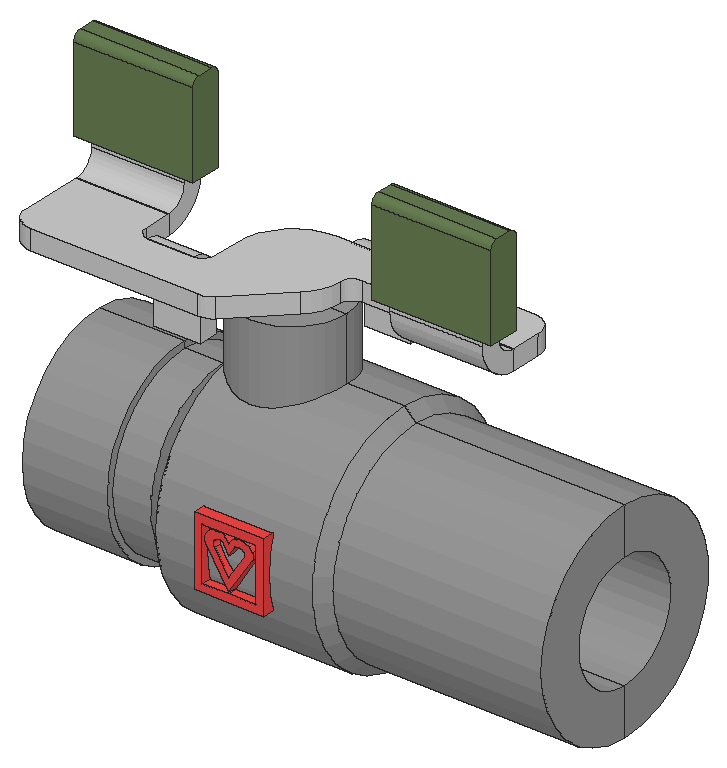
Revit family "Kugelhahn mit Flügelgriff und Rückflussverhinderer 2110", category Rohrzubehör, Revit 2021
Family settings
  Bemaßung runder Anschluss = Durchmesser verwenden
  Teiletyp = Unterbricht
  OmniClass-Nummer = 23.65.55.14
  OmniClass-Titel = Valves for Liquid Services
  Arbeitsebenenbasiert = Nein
  Immer vertikal = Ja
  Beim Laden mit Abzugskörper schneiden = Nein
  Gemeinsam genutzt = Nein
Parameters
  W01 = 45.00°  # constant formula
  Vorgabe-Ansicht = 0.000 mm
  URL = "www.herz-armaturen.at"
  Spindeldichtung = "EPDM"  # constant formula
  Spindel = "Messing nach EN 12164, CW614N"  # constant formula
  SC_NennweiteBerechnet = 0
  SC_Dimension = ""
  SCTWSEQ = "FW;SBT_TYP_FW=\"102\";2"
  SCTWCODE = "04;04;02"  # constant formula
  S04 = 5.000 mm  # constant formula
  S03 [instance] = D04 - 2.000 mm  # 11.500 mm
  S02 [instance] = L01 + 4.500 mm  # 38.500 mm
  S01 [instance] = D04 * 2  # 27.000 mm
  R01 = 7.000 mm  # constant formula
  O-Ring Rückflussverhinderer = "Silikon"  # constant formula
  Nennweite [instance] = 15.000 mm
  Min. Betriebstemperatur (Wasser) = 0.5 °C  # constant formula
  Min. Betriebstemperatur = -10 °C  # constant formula
  Medium = "Trinkwasser"
  Max. Betriebstemperatur = 85 °C  # constant formula
  Max. Betriebsdruck = 2500000.0 Pa  # constant formula
  L05 [instance] = size_lookup("2110_0X_", "L5", 1.000 mm, Nennweite)  # 25.000 mm
  L04 [instance] = size_lookup("2110_0X_", "L4", 1.000 mm, Nennweite)  # 27.000 mm
  L03 = 5.000 mm  # constant formula
  L02 [instance] = size_lookup("2110_0X_", "L2", 1.000 mm, Nennweite)  # 11.000 mm
  L01 [instance] = size_lookup("2110_0X_", "L1", 1.000 mm, Nennweite)  # 34.000 mm
  Kugeldichtung = "PTFE"  # constant formula
  Kugel = "geschmiedetes entzinkungsbeständiges Messing nach EN 12165, volle Bohrung, verchromt, CW626N"  # constant formula
  IG [instance] = Nennweite / 2  # 7.500 mm
  Hinweis = "Gemäß Art 33 der REACH-Verordnung (EG Nr. 1907/2006) sind wir verpflichtet, darauf hinzuweisen, dass der Stoff Blei auf der SVHC-Liste geführt wird und dass alle aus Messing bestehenden Bauteile, die in unseren Erzeugnissen verarbeitet sind, mehr als 0,1 % (w/w) Blei (CAS: 7439-92-1 / EINECS: 231-100-4) enthalten.\r\nDa Blei als Legierungsbestandteil fest gebunden ist, sind keine Expositionen zu erwarten und daher sind keine zusätzlichen Angaben zur sicheren Verwendung notwendig."
  Hersteller = "HERZ Armaturen Ges.m.b.H."  # constant formula
  Handgriff = "Flügelgriff, grün, Stahlblech - verzinkt"  # constant formula
  H01 [instance] = size_lookup("2110_0X_", "H1", 1.000 mm, Nennweite)  # 23.000 mm
  Gewinde = "nach ISO 228"  # constant formula
  Gehäuse Rückflussverhinderer = "POM"  # constant formula
  Gehäuse = "geschmiedetes entzinkungsbeständiges Messing nach EN 12165, CW626N"  # constant formula
  GT [instance] = size_lookup("2110_0X_", "GT", 1.000 mm, Nennweite)  # 10.000 mm
  DN15-DN20 [instance] = if(Nennweite = 15.000 mm, 42.000 mm, 46.000 mm)  # 42.000 mm
  D04 [instance] = size_lookup("2110_0X_", "D4", 1.000 mm, Nennweite)  # 13.500 mm
  D03 [instance] = size_lookup("2110_0X_", "D3", 1.000 mm, Nennweite)  # 15.000 mm
  D02 [instance] = size_lookup("2110_0X_", "D2", 1.000 mm, Nennweite)  # 11.700 mm
  D01 [instance] = size_lookup("2110_0X_", "D1", 1.000 mm, Nennweite)  # 12.500 mm
  Bestellnummer [instance] = size_lookup("2110_0X_", "Artnr", 0, Nennweite)  # 2211001
  Anwendungsgebiet = "Der HERZ Kugelhahn mit Flügelgriff und Rückflussverhinderer wird in Trinkwassersystemen verwendet und dient als Absperreinrichtung.\r\nGenerell werden Kugelhähne überall dort eingesetzt, wo der Durchfluss verlässlich unterbrochen werden muss.\r\nDer Rückflussverhinderer stellt sicher, dass ein Medienstrom ausschließlich in Durchflussrichtung stattfindet."
Reference planes
  plane 1 "Mitte (Vorne/hinten)": y = 0
  plane 2: z = 0
  plane 3 "Mitte (Links/rechts)": x = 0
Forms (mm)
  Revolve 1, solid, material "Messing, weicher Gelbton, geschweißt", detail levels fine
    sketch origin (0, 0, 0) x (1, 0, 0) y (0, 0, 1)
      loop
        line (-24, 0) -> (24, 0) -> (24, 7.5) -> (34, 7.5) -> (34, 13.5) -> (7, 13.5) -> (5.5, 15) -> (-14.7, 15) -> (-18, 11.7) -> (-23, 11.7) -> (-23, 12.5) -> (-34, 12.5) -> (-34, 7.5) -> (-24, 7.5) -> (-24, 0)
      axis (-34, 0) -> (34, 0)
    angle from 0 to 360
  Revolve 2, solid, material "Messing, weicher Gelbton, geschweißt", detail levels fine
    sketch origin (0, 0, 0) x (1, 0, 0) y (0, 0, 1)
      loop
        line (-5.588, 0) -> (-5.588, 8) -> (-2, 8) -> (-2, 23) -> (-9, 23) -> (-9, 0) -> (-5.588, 0)
      axis (-9, 0) -> (-9, 23)
    angle from 0 to 360
Lines and regions (mm)
  model lines, detail levels coarse+medium
    curve 1: line (-34, 0, 13.5) -> (-34, 0, -13.5)
    curve 2: line (-34, 0, -13.5) -> (4.5, 0, 13.5)
    curve 3: line (4.5, 0, 13.5) -> (4.5, 0, -13.5)
    curve 4: line (4.5, 0, -13.5) -> (-34, 0, 13.5)
    curve 5: circle (-14.75, 0, 0) r 11.5 normal (0, -1, 0)
    curve 6: line (4.5, 0, 13.5) -> (34, 0, -13.5)
    curve 7: line (34, 0, -13.5) -> (34, 0, 13.5)
    curve 8: circle (4.5, 0, 13.5) r 5 normal (0, -1, 0)
    curve 9: line (-34, 13.5, 0) -> (-34, -13.5, 0)
    curve 10: line (-34, -13.5, 0) -> (4.5, 13.5, 0)
    curve 11: line (4.5, 13.5, 0) -> (4.5, -13.5, 0)
    curve 12: line (4.5, -13.5, 0) -> (-34, 13.5, 0)
    curve 13: line (4.5, 13.5, 0) -> (34, -13.5, 0)
    curve 14: line (34, -13.5, 0) -> (34, 13.5, 0)
    curve 15: circle (4.5, 13.5, 0) r 5 normal (0, 0, 1)
    curve 16: circle (-14.75, 0, 0) r 11.5 normal (0, 0, 1)
Dimensions and locks
  "L01": plane 3 "Mitte (Links/rechts)" to Revolve 1 sketch curve
  "L01": Revolve 1 sketch curve to plane 3 "Mitte (Links/rechts)"
  "L02": Revolve 1 sketch curve to Revolve 1 sketch curve
  "L03": Revolve 1 sketch curve to Revolve 1 sketch curve
  "D01": Revolve 1 sketch curve to plane 2
  "D02": Revolve 1 sketch curve to plane 2
  "D03": Revolve 1 sketch curve to plane 2
  "L04": Revolve 1 sketch curve to Revolve 1 sketch curve
  "D04": Revolve 1 sketch curve to plane 2
  "GT": Revolve 1 sketch curve to Revolve 1 sketch curve  (x2)
  "IG": Revolve 1 sketch curve to plane 2  (x2)
  "L05": Revolve 1 to Revolve 2 sketch curve  (x2)
  "H01": Revolve 2 sketch curve to plane 2
  "R01": Revolve 2 sketch curve to Revolve 2 sketch curve
  Revolve 2 sketch curve to plane 2 = 8.000 mm
  equal spacing: Revolve 1, nested 1, Revolve 1
  "D03": nested 1 to plane 1 "Mitte (Vorne/hinten)"
  equal spacing: curve 4, plane 2, curve 2
  "S01": curve 4 to curve 2
  "L01": plane 3 "Mitte (Links/rechts)" to curve 1
  equal spacing: curve 3, plane 2, curve 4
  "S01": curve 4 to curve 3
  "S02": curve 1 to curve 3
  equal spacing: curve 1, curve 5, curve 3
  "S02": curve 1 to curve 8
  "L01": curve 7 to plane 3 "Mitte (Links/rechts)"
  equal spacing: curve 7, plane 2, curve 7
  "S01": curve 7 to curve 7
  equal spacing: curve 10, plane 1 "Mitte (Vorne/hinten)", curve 12
  equal spacing: curve 12, plane 1 "Mitte (Vorne/hinten)", curve 13
  equal spacing: curve 14, plane 1 "Mitte (Vorne/hinten)", curve 14
  "L01": curve 9 to plane 3 "Mitte (Links/rechts)"
  "S02": curve 9 to curve 11
  "S02": curve 9 to curve 15
  "L01": plane 3 "Mitte (Links/rechts)" to curve 14
  "S01": curve 12 to curve 9
  "S01": curve 13 to curve 12
  "S01": curve 14 to curve 14
  equal spacing: curve 9, curve 16, curve 11
  "L05": Revolve 1 to nested 2
  "DN15-DN20": nested 2 to plane 2
  "S03": radius of curve 5
  "S04": radius of curve 8
  "S04": radius of curve 15
  "S03": radius of curve 16
  "W01": angle Revolve 1 sketch curve to Revolve 1 sketch curve  (x2)
  aligned and locked: level to plane 2
Automatic sketch dimensions
  curve 5 to level = 0.000 mm
  curve 8 to curve 2 = 0.000 mm
  plane 1 "Mitte (Vorne/hinten)" to curve 16 = 0.000 mm
  curve 15 to curve 10 = 0.000 mm
  Revolve 1 sketch curve to level = 0.000 mm  (x2)
  Revolve 1 sketch curve to Revolve 1 sketch curve = 1490.843 mm
  Revolve 1 sketch curve to Revolve 1 sketch curve = 1823.461 mm
  Revolve 2 sketch curve to level = 0.000 mm  (x2)
  Revolve 2 sketch curve to Revolve 2 sketch curve = 3.588 mm
  Revolve 2 sketch curve to Revolve 2 sketch curve = 0.000 mm
Nested families
  nested 1: "Herz-Logo-vorne" at (-4.6, -15, 0) x (0, 1, 0) z (0, 0, 1), type "Herz-Logo-vorne", detail levels fine
  nested 2: "Flügelgriff (Grün) DN15-DN20" at (-9, 0, 24), type "Flügelgriff (Grün) DN15-DN20"
Connectors
  piping at (-24, 0, 0), diameter 15, driven by "Nennweite"
    settings: on Revolve 1, index 1, connector inside diameter 609.6 mm, connector length 0.000 mm, flow factor 0, pipe flow 0.0 L/s, pressure drop 0.0 Pa, fitting loss kfactor 0, connector angle 0.00°, fixture units 0, engagement length 0.000 mm, angle of deflection 0.00°, flow configuration 0, flow direction 1, fitting loss method 0, system type 29, joint type 0, gender type 0, connector reference index -1, connector utility 0, adjustable connector no, is connector primary yes, connector description ""
  piping at (24, 0, 0), diameter 15, driven by "Nennweite"
    settings: on Revolve 1, index 2, connector inside diameter 609.6 mm, connector length 0.000 mm, flow factor 0, pipe flow 0.0 L/s, pressure drop 0.0 Pa, fitting loss kfactor 0, connector angle 0.00°, fixture units 0, engagement length 0.000 mm, angle of deflection 0.00°, flow configuration 0, flow direction 2, fitting loss method 0, system type 29, joint type 0, gender type 0, connector reference index -1, connector utility 0, adjustable connector no, is connector primary no, connector description ""
Definition of nested family "Herz-Logo-vorne"
  Parameters (values of type "Herz-Logo-vorne")
    Default Elevation = 0.000 mm
  Reference planes
    plane 1 "Mitte (Vorne/hinten)": y = 0
    plane 2: z = 0
    plane 3 "Mitte (Links/rechts)": x = 0
  Forms (mm)
    Extrusion 1, solid
      sketch origin (0.732, -0.018, 0.017) x (0, -1, 0) y (0, 0, 1)
        loop
          line (-0.018, -4.517) -> (4.482, -4.517) -> (4.482, 4.483) -> (-4.518, 4.483) -> (-4.518, -4.517) -> (-0.018, -4.517)
        loop
          line (-0.05, -3.48) -> (3.482, -3.48) -> (3.482, 3.483) -> (-3.518, 3.483) -> (-3.518, -3.48) -> (-0.05, -3.48)
        loop
          arc (-0.018, 2.383) -> (-1.543, 3.287) -> (-3.067, 2.383) r 1.738
          arc (-3.067, 2.383) -> (-3.191, 1.899) -> (-3.067, 1.415) r 1.009
          line (-3.067, 1.415) -> (-0.018, -3.281) -> (3.032, 1.415)
          arc (3.032, 1.415) -> (3.156, 1.899) -> (3.032, 2.383) r 1.009
          arc (3.032, 2.383) -> (1.507, 3.287) -> (-0.018, 2.383) r 1.738
        loop
          arc (1.885, 1.272) -> (2.005, 1.675) -> (1.885, 2.079) r 0.74
          arc (1.885, 2.079) -> (1.265, 2.416) -> (0.644, 2.079) r 0.74
          line (0.644, 2.079) -> (-0.018, 0.97) -> (-0.679, 2.079)
          arc (-0.679, 2.079) -> (-1.3, 2.416) -> (-1.921, 2.079) r 0.74
          arc (-1.921, 2.079) -> (-2.04, 1.675) -> (-1.921, 1.272) r 0.74
          line (-1.921, 1.272) -> (-0.018, -1.658) -> (1.885, 1.272)
      from 0 to 1.5
  Dimensions and locks
    aligned and locked: level to plane 2
Definition of nested family "Flügelgriff (Grün) DN15-DN20"
  Parameters (values of type "Flügelgriff (Grün) DN15-DN20")
    Default Elevation = 0.000 mm
  Reference planes
    plane 1 "Mitte (Vorne/hinten)": y = 0
    plane 2: z = 0
    plane 3 "Mitte (Links/rechts)": x = 0
  Forms (mm)
    Extrusion 1, solid, detail levels fine
      sketch origin (0, 0, 0) x (1, 0, 0) y (0, 1, 0)
        loop
          line (-7, 0) -> (-7, -3.8)
          arc (-7, -3.8) -> (-7.439, -4.861) -> (-8.5, -5.3) r 1.5
          line (-8.5, -5.3) -> (-14.5, -5.3)
          arc (-14.5, -5.3) -> (-15.561, -4.861) -> (-16, -3.8) r 1.5
          line (-16, -3.8) -> (-16, 0) -> (-28, 0) -> (-28, -8.1)
          arc (-28, -8.1) -> (-27.121, -10.221) -> (-25, -11.1) r 3
          line (-25, -11.1) -> (-3.453, -11.1)
          arc (-3.453, -11.1) -> (-2.496, -10.91) -> (-1.685, -10.368) r 2.5
          line (-1.685, -10.368) -> (4.443, -4.24)
          arc (4.443, -4.24) -> (5.743, -2.295) -> (6.2, 0) r 6
          arc (6.2, 0) -> (6.64, 1.06) -> (7.7, 1.499) r 1.5
          line (7.7, 1.499) -> (15.1, 1.499)
          arc (15.1, 1.499) -> (16.16, 1.06) -> (16.6, 0) r 1.5
          line (16.6, 0) -> (28.6, 0) -> (28.6, 4)
          arc (28.6, 4) -> (27.721, 6.121) -> (25.6, 7) r 3
          line (25.6, 7) -> (0, 7)
          arc (0, 7) -> (-4.95, 4.95) -> (-7, 0) r 7
      from 0 to 2.5
    Extrusion 2, solid, detail levels fine
      sketch origin (0, 0, 0) x (0, 1, 0) y (0, 0, 1)
        loop
          arc (2.5, 5) -> (1.768, 3.232) -> (0, 2.5) r 2.5
          line (0, 2.5) -> (0, 0)
          arc (0, 0) -> (3.536, 1.464) -> (5, 5) r 5
          line (5, 5) -> (5, 6) -> (2.5, 6) -> (2.5, 5)
      from -28 to -16
    Extrusion 3, solid, detail levels fine
      sketch origin (0, 5.3, 0) x (0, 1, 0) y (0, 0, 1)
        loop
          line (-7.8, 5) -> (-7.8, 6) -> (-10.3, 6) -> (-10.3, 5)
          arc (-10.3, 5) -> (-8.836, 1.464) -> (-5.3, 0) r 5
          line (-5.3, 0) -> (-5.3, 2.5)
          arc (-5.3, 2.5) -> (-7.068, 3.232) -> (-7.8, 5) r 2.5
      from 16.6 to 28.6
    Extrusion 4, solid, detail levels fine
      sketch origin (0, 0, 0) x (0, 1, 0) y (0, 0, 1)
        loop
          line (5.75, 6) -> (5.75, 17.041)
          arc (5.75, 17.041) -> (5.469, 17.719) -> (4.791, 18) r 0.959
          line (4.791, 18) -> (2.773, 18)
          arc (2.773, 18) -> (2.05, 17.7) -> (1.75, 16.977) r 1.023
          line (1.75, 16.977) -> (1.75, 6) -> (5.75, 6)
      from -29.7 to -14.3
    Extrusion 5, solid, detail levels fine
      sketch origin (0, 0, 0) x (0, 1, 0) y (0, 0, 1)
        loop
          line (-5.75, 6) -> (-1.75, 6) -> (-1.75, 17)
          arc (-1.75, 17) -> (-2.043, 17.707) -> (-2.75, 18) r 1
          line (-2.75, 18) -> (-4.75, 18)
          arc (-4.75, 18) -> (-5.457, 17.707) -> (-5.75, 17) r 1
          line (-5.75, 17) -> (-5.75, 6)
      from 30.3 to 14.9
    Extrusion 6, solid, detail levels fine
      sketch origin (0, 0, 0) x (0, 1, 0) y (0, 0, 1)
        loop
          line (9, -2) -> (9, -8) -> (11.5, -8) -> (11.5, -2)
          arc (11.5, -2) -> (10.182, 1.182) -> (7, 2.5) r 4.5
          line (7, 2.5) -> (7, 0)
          arc (7, 0) -> (8.414, -0.586) -> (9, -2) r 2
      from 8.1 to 2.1
    Extrusion 7, solid, detail levels fine
      sketch origin (0, 0, 0) x (0, 1, 0) y (0, 0, 1)
        loop
          line (-4.3, -1) -> (-4.3, -8) -> (-1.8, -8) -> (-1.8, -1)
          arc (-1.8, -1) -> (-2.825, 1.475) -> (-5.3, 2.5) r 3.5
          line (-5.3, 2.5) -> (-5.3, 0)
          arc (-5.3, 0) -> (-4.593, -0.293) -> (-4.3, -1) r 1
      from -14.5 to -8.5
  Dimensions and locks
    aligned and locked: level to plane 2
